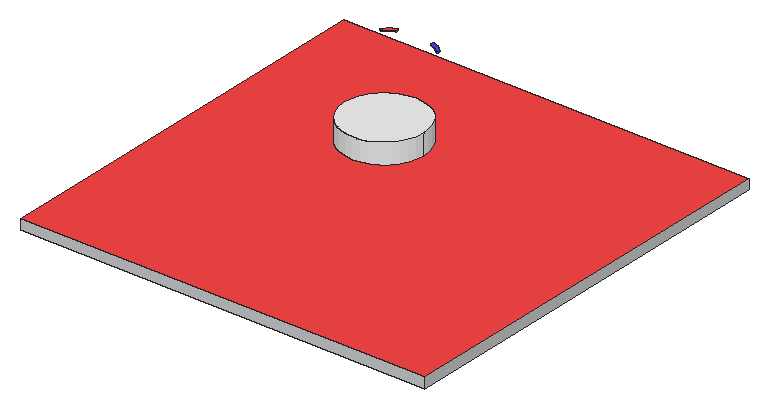
Revit family "PRESTO ALPA 90 ARTE-E con valvula de vaciado", category Aparatos sanitarios, Revit 2015
Parameters (values of type "98941")
  URL = "http://www.prestoiberica.com/ducha/temporizada-arte/alpa-90-arte-e?c=es"
  Teléfono = "(+34) 915 782 575"
  TIPO DE AGUA = "Fria/Caliente"
  REFERENCIA = "98941"
  Presión Máxima = ""
  PESO BRUTO = "2.580  Kg"
  Keynote = ""
  Modelo = "ALPA 90 ARTE E"
  Material = Presto Ibérica: LATON CROMADO
  Imagen de tipo = <Ninguno>
  Fabricante = "PRESTO IBÉRICA"
  Default Elevation = 1219.2 mm
  ENTRADA = "Macho y hembra 3/4\""
  Descripción = "Grifo temporizado mezclador para instalación empotrada con cuerpo de latón y pulsador ARTE cromado. Regulador automático de caudal."
  Código de montaje = "C1030220"
  Contacto = "info@prestoiberica.com"
  Conexión AF = yes
  Conexión AC = yes
  Comentarios de tipo = "◦Componentes fabricados en materiales que soportan temperaturas de hasta 70º C, para permitir la realización de desinfecciones térmicas anti-legionella\r\n◦Cabeza intercambiable que comprende todo el sistema de temporización\r\n◦Apertura por pulsador de mando único con selección de temperatura mediante giro de 180º\r\n◦Válvulas antirretorno incorporadas conformes a la norma EN 1717, que impiden la intercomunicación del agua fría con la caliente\r\n◦Posibilidad de posicionar el mando de Regulación con un tope de temperatura\r\n◦Suministrado con filtros\r\n◦Tapa en acero inoxidable de 200 x 200 mm\r\n◦Caja de empotrar y placa de fijación intermedia fabricadas con protección antioxidante."
  CIERRE = "Automático en 30 seg."
  CAUDAL = "8 L/Min"
  Accionamiento = "Por pulsador"
Reference planes
  plane 1 "Centro (Frontal/Posterior)": y = 0
  plane 2: z = 0
  plane 3 "Centro (Izquierda/Derecha)": x = 0
  plane 4 "1": z = 28.7
Forms (mm)
  Extrusion 1, solid
    sketch origin (0, 0, 0) x (1, 0, 0) y (0, 1, 0)
      loop
        line (-100, 100) -> (-100, -100) -> (100, -100) -> (100, 100) -> (-100, 100)
    from 0 to -5
  Extrusion 2, solid, material "Presto Ibérica: AGUA CALIENTE"
    sketch origin (-45.978, 113.143, 63.088) x (0, 1, 0) y (-1, 0, 0)
      loop
        arc (-93.57, -36.417) -> (-94.967, -33.81) -> (-96.939, -31.606) r 12.445
        arc (-96.939, -31.606) -> (-98.031, -31.676) -> (-97.962, -32.768) r 0.774
        arc (-97.962, -32.768) -> (-96.365, -34.959) -> (-95.013, -37.309) r 25.099
        arc (-95.013, -37.309) -> (-93.92, -37.464) -> (-93.57, -36.417) r 0.862
    from 0 to 0.2
  Extrusion 3, solid, material "Presto: Ibérica: AGUA FRIA"
    sketch origin (-49.174, 111.18, 63.088) x (-0.034899, 0.999391, 0) y (-0.999391, -0.034899, 0)
      loop
        arc (-93.528, -55.407) -> (-93.841, -54.347) -> (-94.939, -54.465) r 0.862
        arc (-94.939, -54.465) -> (-96.371, -56.766) -> (-98.044, -58.899) r 25.099
        arc (-98.044, -58.899) -> (-98.152, -59.989) -> (-97.062, -60.097) r 0.774
        arc (-97.062, -60.097) -> (-95.014, -57.963) -> (-93.528, -55.407) r 12.445
    from 0 to 0.2
  Extrusion 4, solid, material "Presto Ibérica: LATON CROMADO"
    sketch origin (0, 0, 25.938) x (-0.707107, 0.707107, 0) y (-0.707107, -0.707107, 0)
      loop
        circle (0, 0) r 19.5
    from 0 to 10
Dimensions and locks
  Extrusion 1 sketch curve to plane 1 "Centro (Frontal/Posterior)" = 100 mm
  aligned and locked: plane 2 to Extrusion 1
  aligned and locked: level to Extrusion 1
Connectors
  piping at (-45, 0, -36.537), diameter 19.1
    settings: on import instance, index 1, connector inside diameter 609.6 mm, connector length 0 mm, flow factor 0, pipe flow 0.0 L/s, pressure drop 0.0 Pa, fitting loss kfactor 0, connector angle 0.00°, fixture units 0, engagement length 0 mm, angle of deflection 0.00°, flow configuration 0, flow direction 1, fitting loss method 0, system type 19, joint type 0, gender type 0, connector reference index -1, connector utility 0, adjustable connector no, is connector primary yes, connector description ""
  piping at (45, 0, -36.537), diameter 19.1
    settings: on import instance, index 2, connector inside diameter 609.6 mm, connector length 0 mm, flow factor 0, pipe flow 0.0 L/s, pressure drop 0.0 Pa, fitting loss kfactor 0, connector angle 0.00°, fixture units 0, engagement length 0 mm, angle of deflection 0.00°, flow configuration 0, flow direction 1, fitting loss method 0, system type 20, joint type 0, gender type 0, connector reference index -1, connector utility 0, adjustable connector no, is connector primary no, connector description ""
  piping at (0, 90.5, -36.537), diameter 19.1
    settings: on import instance, index 3, connector inside diameter 609.6 mm, connector length 0 mm, flow factor 0, pipe flow 0.0 L/s, pressure drop 0.0 Pa, fitting loss kfactor 0, connector angle 0.00°, fixture units 0, engagement length 0 mm, angle of deflection 0.00°, flow configuration 0, flow direction 2, fitting loss method 0, system type 7, joint type 0, gender type 0, connector reference index -1, connector utility 0, adjustable connector no, is connector primary no, connector description ""
